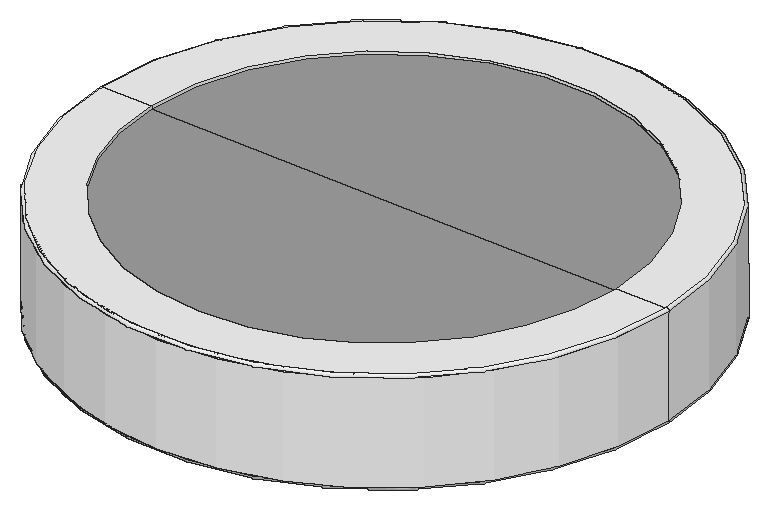
Revit family "0053303 Feilo Sylvania Lighting Fixture SYLFLAT SURFACE 1400 R 4000K", category Lighting Fixtures, host Face, Revit 2016
Family settings
  Host = Face
  Part Type = Normal
  Round Connector Dimension = Use Diameter
  OmniClass Number = 23.80.70.00
  OmniClass Title = Lighting
  Cut with Voids When Loaded = No
  Light Source = Yes
  Shared = No
  Room Calculation Point = No
Parameters (values of type "0053303 SYLFLAT SURFACE 1400 R 4000K")
  Weight = "5.58 kg"
  Wattage Comments = ""
  Wattage = 18 W
  WarrantyStartDate [instance] = "n/a"
  WarrantyGuarantorParts = "n/a"
  WarrantyDurationUnit = "n/a"
  WarrantyDurationParts = "n/a"
  WarrantyDescription = "n/a"
  built-in parameter 1150110 = 1 (stored number, unit not read)
  Voltage = 230 V
  URL = "http://www.feilosylvania.com"
  TypeName = "SYLFLAT SURFACE 1400 R 4000K"
  Type Image = <None>
  Type Comments = "n/a"
  built-in parameter 1114217 = 1 (stored number, unit not read)
  Tilt Angle = -90.00°
  built-in parameter 1150109 = 1 (stored number, unit not read)
  built-in parameter 1150134 = 12
  built-in parameter 1150113 = 1 (stored number, unit not read)
  Square_FEILO = no
  SerialNumber [instance] = "n/a"
  Photometric Web File = "0053303.ies"
  Material_3_FEILO = none
  PowerFactor = 0.9
  PowerConsumption = "18 W"
  NominalLength = 0 mm
  NominalHeight = 40 mm
  NominalDepth = 0 mm
  Name = "SYLFLAT SURFACE 1400 R 4000K"
  ModelReference = Name  # "SYLFLAT SURFACE 1400 R 4000K"
  ModelNumber = "0053303"
  Model = Name  # "SYLFLAT SURFACE 1400 R 4000K"
  Material = "plastic housing, polycarbonate diffuser"
  ManufacturerName = "Feilo Sylvania"
  Manufacturer = "Feilo Sylvania"
  LuminousEfficacy = "83 lm/W"
  built-in parameter 1150105 = 118.89 (stored number, unit not read)
  Lumens = 1494 lm
  LuminaireType = ""
  built-in parameter 1150115 = 1 (stored number, unit not read)
  LightOutputRatio = "100"
  built-in parameter 1150137 = (empty or 0)
  built-in parameter 1150139 = (empty or 0)
  LampsType = Lamp  # "LED"
  LampNominalLuminous = "1500 lm"
  LampMacAdamStep = "n/a"
  LampColourTemperature = "4000 K"
  LampColourRenderingIndex = "0"
  built-in parameter 1150112 = 1 (stored number, unit not read)
  built-in parameter 1150114 = 1 (stored number, unit not read)
  Lamp = "LED"
  Keynote = "16500"
  InstallationDate [instance] = "n/a"
  InputVoltage = "220-240V~"
  InputNominalFrequency = "n/a"
  built-in parameter 1150132 = (empty or 0)
  built-in parameter 1150102 = (empty or 0)
  built-in parameter 1150107 = 4000 (stored number, unit not read)
  built-in parameter 1150138 = (empty or 0)
  IngressProtection = "IP20"
  ImpactProtectionIndex = "IK06"
  built-in parameter 1150106 = 1.1889 (stored number, unit not read)
  IfcExportType = "IfcLightFixtureType"
  IfcExportAs = "IfcLightFixtureType"
  Height_FEILO = 40 mm
  ExpectedLife = 50000
  Emit from Circle Diameter = Diameter_FEILO - 40 mm  # 180 mm
  Emit Shape Visible in Rendering = no
  ElectricShockClassification = "Class II"
  built-in parameter 1150104 = 7.711 (stored number, unit not read)
  DurationUnit = "hours"
  DocumentationLiterature = "http://www.feilosylvania.com/product/en-int/products/0053303"
  DimmingControlOptions = "Non dimmable"
  Material_2_FEILO = Diffuser-Sylvania-SylFlat-Opaque
  Dimming Lamp Color Temperature Shift = <None>
  Diameter_FEILO = 220 mm
  Description = "Integrated round surface mounted 220mm diameter LED downlight providing uniform distribution with an opal diffuser, 110° beam angle, 1500LM, 18W, 83lm/W, 4000K, CRI80, non-dimmable, IP20, IK06, 25,000hrs (L70)"
  Default Elevation = 1219.2 mm
  CreatedOn = "1/26/2018"
  CreatedBy = "aron.fodor@feilosylvania.com"
  Cost = 0
  Color Filter = 16777215
  built-in parameter 1114216 [instance] = (empty or 0)
  ClassificationValue = "EF_70_80"
  ClassificationName = "Uniclass2015"
  Material_1_FEILO = Body-Sylvania-SylFlat-White
  Circle_FEILO = yes
  BarCode [instance] = "n/a"
  built-in parameter 1114218 = 1 (stored number, unit not read)
  built-in parameter 1150133 = 10 (stored number, unit not read)
  AssetType = "Fixed"
  AssetIdentifier [instance] = "n/a"
  Assembly Code = "D5020200"
  Apparent Load = 18 VA
  Material_4_FEILO = none
Reference planes
  plane 1 "Center (Front/Back)": y = 0
  plane 2: z = 0
  plane 3 "Center (Left/Right)": x = 0
  plane 4: x = 110
  plane 5: x = -110
  plane 6: z = 40
  plane 7: x = -90
  plane 8: x = 90
  plane 9: z = 39
  plane 10: y = 110
  plane 11: y = -110
  plane 12: y = 90
  plane 13: y = -90
Forms (mm)
  Revolve 1, solid, material "Body-Sylvania-SylFlat-White" <- "Material_1_FEILO", visible <- "Circle_FEILO"
    sketch origin (0, 0, 0) x (1, 0, 0) y (0, 0, 1)
      loop
        line (0, 39) -> (-90, 39) -> (-90, 40) -> (-109, 40)
        arc (-109, 40) -> (-109.707, 39.707) -> (-110, 39) r 1
        line (-110, 39) -> (-110, 1)
        arc (-110, 1) -> (-109.707, 0.293) -> (-109, 0) r 1
        line (-109, 0) -> (0, 0) -> (0, 39)
      axis (0, 40) -> (0, 0)
    angle from 360 to 0
  Extrusion 2, solid, material "Body-Sylvania-SylFlat-White" <- "Material_1_FEILO", visible <- "Square_FEILO"
    sketch origin (0, 0, 0) x (1, 0, 0) y (0, 1, 0)
      loop
        arc (-105, 110) -> (-108.536, 108.536) -> (-110, 105) r 5
        line (-110, 105) -> (-110, -105)
        arc (-110, -105) -> (-108.536, -108.536) -> (-105, -110) r 5
        line (-105, -110) -> (105, -110)
        arc (105, -110) -> (108.536, -108.536) -> (110, -105) r 5
        line (110, -105) -> (110, 105)
        arc (110, 105) -> (108.536, 108.536) -> (105, 110) r 5
        line (105, 110) -> (-105, 110)
    from 0 to 40
  Extrusion 3, void
    sketch origin (1223.4, -4572, 40) x (-1, 0, 0) y (0, -1, 0)
      loop
        arc (1308.4, -4662) -> (1311.936, -4660.536) -> (1313.4, -4657) r 5
        line (1313.4, -4657) -> (1313.4, -4487)
        arc (1313.4, -4487) -> (1311.936, -4483.464) -> (1308.4, -4482) r 5
        line (1308.4, -4482) -> (1138.4, -4482)
        arc (1138.4, -4482) -> (1134.864, -4483.464) -> (1133.4, -4487) r 5
        line (1133.4, -4487) -> (1133.4, -4657)
        arc (1133.4, -4657) -> (1134.864, -4660.536) -> (1138.4, -4662) r 5
        line (1138.4, -4662) -> (1308.4, -4662)
    from 0 to -1
Cuts and joins
  Extrusion 3 cuts Extrusion 2
Dimensions and locks
  equal spacing: plane 4, plane 3 "Center (Left/Right)", plane 5
  "Diameter_FEILO": plane 4 to plane 5
  "Height_FEILO": plane 6 to plane 2
  equal spacing: plane 8, plane 3 "Center (Left/Right)", plane 7
  locked: plane 7 to plane 5 at 20
  locked: plane 6 to plane 9 at 1
  equal spacing: plane 11, plane 1 "Center (Front/Back)", plane 10
  equal spacing: plane 13, plane 1 "Center (Front/Back)", plane 12
  "Diameter_FEILO": plane 11 to plane 10
  locked: plane 12 to plane 10 at 20
  aligned and locked: plane 2 to host face
  aligned and locked: level to host face
  aligned and locked: Revolve 1 sketch curve to plane 3 "Center (Left/Right)"
  aligned and locked: plane 3 "Center (Left/Right)" to Revolve 1 sketch curve  (x2)
  aligned and locked: Revolve 1 sketch curve to plane 9
  aligned and locked: plane 7 to Revolve 1 sketch curve
  aligned and locked: Revolve 1 sketch curve to plane 6
  aligned and locked: Revolve 1 sketch curve to plane 5
  aligned and locked: Revolve 1 sketch curve to level
  aligned and locked: plane 10 to Extrusion 2 sketch curve
  aligned and locked: plane 5 to Extrusion 2 sketch curve
  aligned and locked: Extrusion 2 sketch curve to plane 11
  aligned and locked: Extrusion 2 sketch curve to plane 4
  aligned and locked: plane 12 to Extrusion 3 sketch curve
  aligned and locked: plane 7 to Extrusion 3 sketch curve
  aligned and locked: Extrusion 3 sketch curve to plane 13
  aligned and locked: Extrusion 3 sketch curve to plane 8
  aligned and locked: Extrusion 2 to plane 6
  aligned and locked: plane 9 to Extrusion 3
  aligned and locked: Extrusion 3 to plane 6
  aligned and locked: Extrusion 2 to level
  aligned and locked: Extrusion 2 to Extrusion 3
  aligned and locked: plane 3 "Center (Left/Right)" to imposter light
  aligned and locked: imposter light to plane 1 "Center (Front/Back)"
  aligned and locked: imposter light to plane 9
Automatic sketch dimensions
  host sketch curve to host sketch curve = 2438.4 mm  (x2)
  plane 5 to Revolve 1 sketch curve = 1 mm
  Revolve 1 sketch curve to Revolve 1 sketch curve = 1 mm
  Revolve 1 sketch curve to level = 609.6 mm
  Revolve 1 sketch curve to plane 6 = 2569.058 mm
  plane 10 to Extrusion 2 sketch curve = 0 mm
  plane 5 to Extrusion 2 sketch curve = 5 mm
  Extrusion 2 sketch curve to plane 7 = 15 mm
  Extrusion 2 sketch curve to plane 4 = 5 mm  (x2)
  plane 12 to Extrusion 3 sketch curve = 5 mm
  Extrusion 3 sketch curve to Extrusion 3 sketch curve = 5 mm  (x2)
  Extrusion 3 sketch curve to plane 13 = 5 mm
Connectors
  electrical at (0, 0, 0), driven by "Apparent Load", driven by "PowerFactor", driven by "Voltage"
    settings: index 1, voltage 230 V, apparent load 18 VA, apparent load phase1 0 VA, apparent load phase2 0 VA, apparent load phase3 0 VA, power factor 0.9, load classification "Lighting", number of poles 1, system type 30, power factor state 1, is connector primary yes, connector utility no, sub classification motor no, connector description ""
